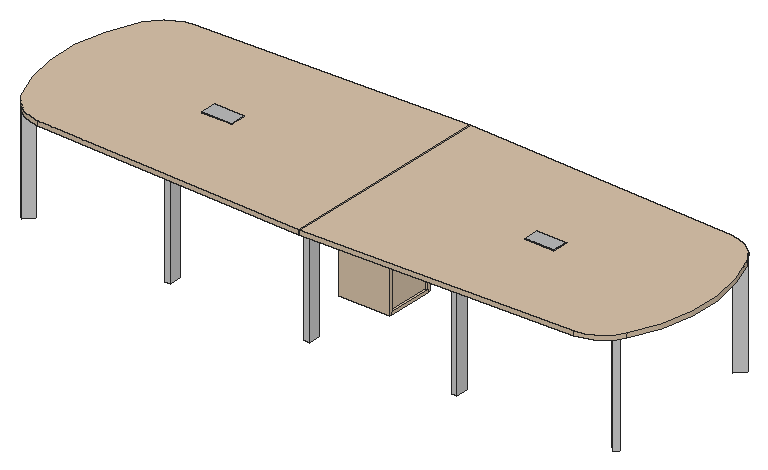
Revit family "Haworth_Planes_ConferenceTable_PebbleTwoPiece", category Furniture Systems, Revit 2018 (continued)
Definition of nested family "Haworth_Planes_Worksurface_Pebble_2Piece_PART"
  Definition of nested family "Haworth_Planes_Worksurface_Pebble54_TwoPiece_Part"
    Automatic sketch dimensions
      Extrusion 4 sketch curve to plane 1 "Center F/B" = 12.38637"
      Extrusion 4 sketch curve to plane 1 "Center F/B" = 26.84"
      Extrusion 4 sketch curve to Extrusion 4 sketch curve = 0"  (x4)
      plane 1 "Center F/B" to Extrusion 5 sketch curve = 0"
      Extrusion 5 sketch curve to plane 3 "Center L/R" = 0"
      Extrusion 5 sketch curve to plane 3 "Center L/R" = 1.45786"  (x2)
      plane 1 "Center F/B" to Extrusion 5 sketch curve = 12.38625"
      plane 1 "Center F/B" to Extrusion 5 sketch curve = 26.84"
      Extrusion 5 sketch curve to Extrusion 5 sketch curve = 663.86697"  (x2)
      Extrusion 5 sketch curve to plane 1 "Center F/B" = 12.38625"
      Extrusion 5 sketch curve to plane 1 "Center F/B" = 26.84"
      Extrusion 5 sketch curve to Extrusion 5 sketch curve = 0"  (x4)
      plane 1 "Center F/B" to Extrusion 6 sketch curve = 0"
      Extrusion 6 sketch curve to plane 3 "Center L/R" = 0"
      Extrusion 6 sketch curve to plane 3 "Center L/R" = 1.46083"  (x2)
      plane 1 "Center F/B" to Extrusion 6 sketch curve = 12.38592"
      plane 1 "Center F/B" to Extrusion 6 sketch curve = 26.84"
      Extrusion 6 sketch curve to Extrusion 6 sketch curve = 737.42641"  (x2)
      Extrusion 6 sketch curve to plane 1 "Center F/B" = 12.38592"
      Extrusion 6 sketch curve to plane 1 "Center F/B" = 26.84"
      Extrusion 6 sketch curve to Extrusion 6 sketch curve = 0"  (x4)
      plane 1 "Center F/B" to Extrusion 7 sketch curve = 0"
      Extrusion 7 sketch curve to plane 3 "Center L/R" = 0"
      Extrusion 7 sketch curve to plane 3 "Center L/R" = 1.46185"  (x2)
      Extrusion 7 sketch curve to plane 1 "Center F/B" = 12.38546"
      plane 1 "Center F/B" to Extrusion 7 sketch curve = 12.38546"
      plane 1 "Center F/B" to Extrusion 7 sketch curve = 26.84"
      Extrusion 7 sketch curve to Extrusion 7 sketch curve = 814.63142"  (x2)
      Extrusion 7 sketch curve to plane 1 "Center F/B" = 26.84"
      Extrusion 7 sketch curve to Extrusion 7 sketch curve = 0"  (x4)
      plane 1 "Center F/B" to Extrusion 8 sketch curve = 0"
      Extrusion 8 sketch curve to plane 3 "Center L/R" = 0"
      Extrusion 8 sketch curve to plane 3 "Center L/R" = 1.4678"  (x2)
      Extrusion 8 sketch curve to plane 1 "Center F/B" = 12.3849"
      plane 1 "Center F/B" to Extrusion 8 sketch curve = 12.3849"
      plane 1 "Center F/B" to Extrusion 8 sketch curve = 26.84"
      Extrusion 8 sketch curve to Extrusion 8 sketch curve = 895.29512"  (x2)
      Extrusion 8 sketch curve to plane 1 "Center F/B" = 26.84"
      Extrusion 8 sketch curve to Extrusion 8 sketch curve = 0"  (x4)
      plane 1 "Center F/B" to Extrusion 9 sketch curve = 0"
      Extrusion 9 sketch curve to plane 3 "Center L/R" = 0"
      Extrusion 9 sketch curve to plane 3 "Center L/R" = 1.47096"  (x2)
      Extrusion 9 sketch curve to plane 1 "Center F/B" = 12.38426"
      plane 1 "Center F/B" to Extrusion 9 sketch curve = 12.38426"
      Extrusion 9 sketch curve to Extrusion 9 sketch curve = 0"  (x4)
      plane 1 "Center F/B" to Extrusion 9 sketch curve = 26.84"
      Extrusion 9 sketch curve to Extrusion 9 sketch curve = 979.62634"  (x2)
      Extrusion 9 sketch curve to plane 1 "Center F/B" = 26.84"
      plane 1 "Center F/B" to Extrusion 10 sketch curve = 0"
      Extrusion 10 sketch curve to plane 3 "Center L/R" = 0"
      Extrusion 10 sketch curve to plane 3 "Center L/R" = 1.47142"  (x2)
      Extrusion 10 sketch curve to plane 1 "Center F/B" = 12.38358"
      plane 1 "Center F/B" to Extrusion 10 sketch curve = 12.38358"
      Extrusion 10 sketch curve to Extrusion 10 sketch curve = 0"  (x4)
      plane 1 "Center F/B" to Extrusion 10 sketch curve = 26.84"
      Extrusion 10 sketch curve to Extrusion 10 sketch curve = 1067.63242"  (x2)
      Extrusion 10 sketch curve to plane 1 "Center F/B" = 26.84"
      plane 1 "Center F/B" to Masking region 1 sketch curve = 0"
      Masking region 1 sketch curve to plane 3 "Center L/R" = 0"
      Masking region 1 sketch curve to plane 3 "Center L/R" = 1.4443"  (x2)
      Masking region 1 sketch curve to plane 3 "Center L/R" = 17.68"
      plane 1 "Center F/B" to Masking region 1 sketch curve = 12.38461"
      plane 1 "Center F/B" to Masking region 1 sketch curve = 26.84"
      Masking region 1 sketch curve to Masking region 1 sketch curve = 405.59091"  (x2)
      Masking region 1 sketch curve to plane 1 "Center F/B" = 12.38461"
      Masking region 1 sketch curve to plane 1 "Center F/B" = 26.84"
      Masking region 1 sketch curve to Masking region 1 sketch curve = 0"  (x4)
      plane 1 "Center F/B" to Masking region 2 sketch curve = 0"
      Masking region 2 sketch curve to plane 3 "Center L/R" = 0"
      Masking region 2 sketch curve to plane 3 "Center L/R" = 1.45088"  (x2)
      Masking region 2 sketch curve to plane 3 "Center L/R" = 20.68"
      plane 1 "Center F/B" to Masking region 2 sketch curve = 12.38568"
      plane 1 "Center F/B" to Masking region 2 sketch curve = 26.84"
      Masking region 2 sketch curve to Masking region 2 sketch curve = 464.70521"  (x2)
      Masking region 2 sketch curve to plane 1 "Center F/B" = 12.38568"
      Masking region 2 sketch curve to plane 1 "Center F/B" = 26.84"
      Masking region 2 sketch curve to Masking region 2 sketch curve = 0"  (x4)
      plane 1 "Center F/B" to Masking region 3 sketch curve = 0"
      Masking region 3 sketch curve to plane 3 "Center L/R" = 0"
      Masking region 3 sketch curve to plane 3 "Center L/R" = 1.4551"  (x2)
      plane 1 "Center F/B" to Masking region 3 sketch curve = 12.38622"
      plane 1 "Center F/B" to Masking region 3 sketch curve = 26.84"
      Masking region 3 sketch curve to Masking region 3 sketch curve = 527.4563"  (x2)
      Masking region 3 sketch curve to plane 1 "Center F/B" = 12.38622"
      Masking region 3 sketch curve to plane 1 "Center F/B" = 26.84"
      Masking region 3 sketch curve to Masking region 3 sketch curve = 0"  (x4)
      plane 1 "Center F/B" to Masking region 4 sketch curve = 0"
      Masking region 4 sketch curve to plane 3 "Center L/R" = 0"
      Masking region 4 sketch curve to plane 3 "Center L/R" = 1.45465"  (x2)
      plane 1 "Center F/B" to Masking region 4 sketch curve = 12.38637"
      plane 1 "Center F/B" to Masking region 4 sketch curve = 26.84"
      Masking region 4 sketch curve to Masking region 4 sketch curve = 593.90588"  (x2)
      Masking region 4 sketch curve to plane 1 "Center F/B" = 12.38637"
      Masking region 4 sketch curve to plane 1 "Center F/B" = 26.84"
      Masking region 4 sketch curve to Masking region 4 sketch curve = 0"  (x4)
      plane 1 "Center F/B" to Masking region 5 sketch curve = 0"
      Masking region 5 sketch curve to plane 3 "Center L/R" = 0"
      Masking region 5 sketch curve to plane 3 "Center L/R" = 1.45786"  (x2)
      plane 1 "Center F/B" to Masking region 5 sketch curve = 12.38625"
      plane 1 "Center F/B" to Masking region 5 sketch curve = 26.84"
      Masking region 5 sketch curve to Masking region 5 sketch curve = 663.86697"  (x2)
      Masking region 5 sketch curve to plane 1 "Center F/B" = 12.38625"
      Masking region 5 sketch curve to plane 1 "Center F/B" = 26.84"
      Masking region 5 sketch curve to Masking region 5 sketch curve = 0"  (x4)
      plane 1 "Center F/B" to Masking region 6 sketch curve = 0"
      Masking region 6 sketch curve to plane 3 "Center L/R" = 0"
      Masking region 6 sketch curve to plane 3 "Center L/R" = 1.46083"  (x2)
      plane 1 "Center F/B" to Masking region 6 sketch curve = 12.38592"
      plane 1 "Center F/B" to Masking region 6 sketch curve = 26.84"
      Masking region 6 sketch curve to Masking region 6 sketch curve = 737.42641"  (x2)
      Masking region 6 sketch curve to plane 1 "Center F/B" = 12.38592"
      Masking region 6 sketch curve to plane 1 "Center F/B" = 26.84"
      Masking region 6 sketch curve to Masking region 6 sketch curve = 0"  (x4)
      plane 1 "Center F/B" to Masking region 7 sketch curve = 0"
      Masking region 7 sketch curve to plane 3 "Center L/R" = 0"
      Masking region 7 sketch curve to plane 3 "Center L/R" = 1.46185"  (x2)
      plane 1 "Center F/B" to Masking region 7 sketch curve = 12.38546"
      plane 1 "Center F/B" to Masking region 7 sketch curve = 26.84"
      Masking region 7 sketch curve to Masking region 7 sketch curve = 814.63142"  (x2)
      Masking region 7 sketch curve to plane 1 "Center F/B" = 12.38546"
      Masking region 7 sketch curve to plane 1 "Center F/B" = 26.84"
      Masking region 7 sketch curve to Masking region 7 sketch curve = 0"  (x4)
      plane 1 "Center F/B" to Masking region 8 sketch curve = 0"
      Masking region 8 sketch curve to plane 3 "Center L/R" = 0"
      Masking region 8 sketch curve to plane 3 "Center L/R" = 1.4678"  (x2)
      plane 1 "Center F/B" to Masking region 8 sketch curve = 12.3849"
      Masking region 8 sketch curve to plane 1 "Center F/B" = 12.3849"
      plane 1 "Center F/B" to Masking region 8 sketch curve = 26.84"
      Masking region 8 sketch curve to Masking region 8 sketch curve = 895.29512"  (x2)
      Masking region 8 sketch curve to plane 1 "Center F/B" = 26.84"
      Masking region 8 sketch curve to Masking region 8 sketch curve = 0"  (x4)
      plane 1 "Center F/B" to Masking region 9 sketch curve = 0"
      Masking region 9 sketch curve to plane 3 "Center L/R" = 0"
      Masking region 9 sketch curve to plane 3 "Center L/R" = 1.47096"  (x2)
      plane 1 "Center F/B" to Masking region 9 sketch curve = 12.38426"
      Masking region 9 sketch curve to plane 1 "Center F/B" = 12.38426"
      Masking region 9 sketch curve to Masking region 9 sketch curve = 0"  (x4)
      plane 1 "Center F/B" to Masking region 9 sketch curve = 26.84"
      Masking region 9 sketch curve to Masking region 9 sketch curve = 979.62634"  (x2)
      Masking region 9 sketch curve to plane 1 "Center F/B" = 26.84"
      plane 1 "Center F/B" to Masking region 10 sketch curve = 0"
      Masking region 10 sketch curve to plane 3 "Center L/R" = 0"
      Masking region 10 sketch curve to plane 3 "Center L/R" = 1.47142"  (x2)
      plane 1 "Center F/B" to Masking region 10 sketch curve = 12.38358"
      Masking region 10 sketch curve to plane 1 "Center F/B" = 12.38358"
      Masking region 10 sketch curve to Masking region 10 sketch curve = 0"  (x4)
      plane 1 "Center F/B" to Masking region 10 sketch curve = 26.84"
      Masking region 10 sketch curve to Masking region 10 sketch curve = 1067.63242"  (x2)
      Masking region 10 sketch curve to plane 1 "Center F/B" = 26.84"
      plane 1 "Center F/B" to Extrusion 11 sketch curve = 0"
      Extrusion 11 sketch curve to plane 3 "Center L/R" = 0"
      Extrusion 11 sketch curve to plane 3 "Center L/R" = 1.4443"  (x2)
      Extrusion 11 sketch curve to plane 3 "Center L/R" = 17.68"
      Extrusion 11 sketch curve to plane 1 "Center F/B" = 12.38461"
      Extrusion 11 sketch curve to plane 1 "Center F/B" = 26.84"
      Extrusion 11 sketch curve to Extrusion 11 sketch curve = 405.59091"  (x2)
      plane 1 "Center F/B" to Extrusion 11 sketch curve = 12.38461"
      plane 1 "Center F/B" to Extrusion 11 sketch curve = 26.84"
      Extrusion 11 sketch curve to Extrusion 11 sketch curve = 0"  (x4)
      plane 1 "Center F/B" to Extrusion 12 sketch curve = 0"
      Extrusion 12 sketch curve to plane 3 "Center L/R" = 0"
      Extrusion 12 sketch curve to plane 3 "Center L/R" = 1.45088"  (x2)
      Extrusion 12 sketch curve to plane 3 "Center L/R" = 20.68"
      Extrusion 12 sketch curve to plane 1 "Center F/B" = 12.38568"
      Extrusion 12 sketch curve to plane 1 "Center F/B" = 26.84"
      Extrusion 12 sketch curve to Extrusion 12 sketch curve = 464.70521"  (x2)
      plane 1 "Center F/B" to Extrusion 12 sketch curve = 12.38568"
      plane 1 "Center F/B" to Extrusion 12 sketch curve = 26.84"
      Extrusion 12 sketch curve to Extrusion 12 sketch curve = 0"  (x4)
      plane 1 "Center F/B" to Extrusion 13 sketch curve = 0"
      Extrusion 13 sketch curve to plane 3 "Center L/R" = 0"
      Extrusion 13 sketch curve to plane 3 "Center L/R" = 1.4551"  (x2)
      Extrusion 13 sketch curve to plane 1 "Center F/B" = 12.38622"
      Extrusion 13 sketch curve to plane 1 "Center F/B" = 26.84"
      Extrusion 13 sketch curve to Extrusion 13 sketch curve = 527.4563"  (x2)
      plane 1 "Center F/B" to Extrusion 13 sketch curve = 12.38622"
      plane 1 "Center F/B" to Extrusion 13 sketch curve = 26.84"
      Extrusion 13 sketch curve to Extrusion 13 sketch curve = 0"  (x4)
      plane 1 "Center F/B" to Extrusion 14 sketch curve = 0"
      Extrusion 14 sketch curve to plane 3 "Center L/R" = 0"
      Extrusion 14 sketch curve to plane 3 "Center L/R" = 1.45465"  (x2)
      Extrusion 14 sketch curve to plane 1 "Center F/B" = 12.38637"
      Extrusion 14 sketch curve to plane 1 "Center F/B" = 26.84"
      Extrusion 14 sketch curve to Extrusion 14 sketch curve = 593.90588"  (x2)
      plane 1 "Center F/B" to Extrusion 14 sketch curve = 12.38637"
      plane 1 "Center F/B" to Extrusion 14 sketch curve = 26.84"
      Extrusion 14 sketch curve to Extrusion 14 sketch curve = 0"  (x4)
      plane 1 "Center F/B" to Extrusion 15 sketch curve = 0"
      Extrusion 15 sketch curve to plane 3 "Center L/R" = 0"
      Extrusion 15 sketch curve to plane 3 "Center L/R" = 1.45786"  (x2)
      Extrusion 15 sketch curve to plane 1 "Center F/B" = 12.38625"
      Extrusion 15 sketch curve to plane 1 "Center F/B" = 26.84"
      Extrusion 15 sketch curve to Extrusion 15 sketch curve = 663.86697"  (x2)
      plane 1 "Center F/B" to Extrusion 15 sketch curve = 12.38625"
      plane 1 "Center F/B" to Extrusion 15 sketch curve = 26.84"
      Extrusion 15 sketch curve to Extrusion 15 sketch curve = 0"  (x4)
      plane 1 "Center F/B" to Extrusion 16 sketch curve = 0"
      Extrusion 16 sketch curve to plane 3 "Center L/R" = 0"
      Extrusion 16 sketch curve to plane 3 "Center L/R" = 1.46083"  (x2)
      Extrusion 16 sketch curve to plane 1 "Center F/B" = 12.38592"
      Extrusion 16 sketch curve to plane 1 "Center F/B" = 26.84"
      Extrusion 16 sketch curve to Extrusion 16 sketch curve = 737.42641"  (x2)
      plane 1 "Center F/B" to Extrusion 16 sketch curve = 12.38592"
      plane 1 "Center F/B" to Extrusion 16 sketch curve = 26.84"
      Extrusion 16 sketch curve to Extrusion 16 sketch curve = 0"  (x4)
      plane 1 "Center F/B" to Extrusion 17 sketch curve = 0"
      Extrusion 17 sketch curve to plane 3 "Center L/R" = 0"
      Extrusion 17 sketch curve to plane 3 "Center L/R" = 1.46185"  (x2)
      plane 1 "Center F/B" to Extrusion 17 sketch curve = 12.38546"
      Extrusion 17 sketch curve to plane 1 "Center F/B" = 12.38546"
      Extrusion 17 sketch curve to plane 1 "Center F/B" = 26.84"
      Extrusion 17 sketch curve to Extrusion 17 sketch curve = 814.63142"  (x2)
      plane 1 "Center F/B" to Extrusion 17 sketch curve = 26.84"
      Extrusion 17 sketch curve to Extrusion 17 sketch curve = 0"  (x4)
      plane 1 "Center F/B" to Extrusion 18 sketch curve = 0"
      Extrusion 18 sketch curve to plane 3 "Center L/R" = 0"
      Extrusion 18 sketch curve to plane 3 "Center L/R" = 1.4678"  (x2)
      plane 1 "Center F/B" to Extrusion 18 sketch curve = 12.3849"
      Extrusion 18 sketch curve to plane 1 "Center F/B" = 12.3849"
      Extrusion 18 sketch curve to plane 1 "Center F/B" = 26.84"
      Extrusion 18 sketch curve to Extrusion 18 sketch curve = 895.29512"  (x2)
      plane 1 "Center F/B" to Extrusion 18 sketch curve = 26.84"
      Extrusion 18 sketch curve to Extrusion 18 sketch curve = 0"  (x4)
      plane 1 "Center F/B" to Extrusion 19 sketch curve = 0"
      Extrusion 19 sketch curve to plane 3 "Center L/R" = 0"
      Extrusion 19 sketch curve to plane 3 "Center L/R" = 1.47096"  (x2)
      plane 1 "Center F/B" to Extrusion 19 sketch curve = 12.38426"
      Extrusion 19 sketch curve to plane 1 "Center F/B" = 12.38426"
      Extrusion 19 sketch curve to Extrusion 19 sketch curve = 0"  (x4)
      Extrusion 19 sketch curve to plane 1 "Center F/B" = 26.84"
      Extrusion 19 sketch curve to Extrusion 19 sketch curve = 979.62634"  (x2)
      plane 1 "Center F/B" to Extrusion 19 sketch curve = 26.84"
      plane 1 "Center F/B" to Extrusion 20 sketch curve = 0"
      Extrusion 20 sketch curve to plane 3 "Center L/R" = 0"
      Extrusion 20 sketch curve to plane 3 "Center L/R" = 1.47142"  (x2)
      plane 1 "Center F/B" to Extrusion 20 sketch curve = 12.38358"
      Extrusion 20 sketch curve to plane 1 "Center F/B" = 12.38358"
      Extrusion 20 sketch curve to Extrusion 20 sketch curve = 0"  (x4)
      Extrusion 20 sketch curve to plane 1 "Center F/B" = 26.84"
      Extrusion 20 sketch curve to Extrusion 20 sketch curve = 1067.63242"  (x2)
      plane 1 "Center F/B" to Extrusion 20 sketch curve = 26.84"
      Masking region 11 sketch curve to plane 3 "Center L/R" = 0"
      plane 1 "Center F/B" to Masking region 11 sketch curve = 0"
      plane 1 "Center F/B" to Masking region 11 sketch curve = 12.38461"
      plane 1 "Center F/B" to Masking region 11 sketch curve = 26.84"
      plane 3 "Center L/R" to Masking region 11 sketch curve = 1.4443"  (x2)
      Masking region 11 sketch curve to Masking region 11 sketch curve = 405.59091"  (x2)
      Masking region 11 sketch curve to plane 1 "Center F/B" = 12.38461"
      Masking region 11 sketch curve to plane 1 "Center F/B" = 26.84"
      plane 3 "Center L/R" to Masking region 11 sketch curve = 17.68"
      Masking region 11 sketch curve to Masking region 11 sketch curve = 4.50349"
      Masking region 11 sketch curve to Masking region 11 sketch curve = 0"  (x3)
      Masking region 12 sketch curve to plane 3 "Center L/R" = 0"
      plane 1 "Center F/B" to Masking region 12 sketch curve = 0"
      plane 1 "Center F/B" to Masking region 12 sketch curve = 12.38568"
      plane 1 "Center F/B" to Masking region 12 sketch curve = 26.84"
      plane 3 "Center L/R" to Masking region 12 sketch curve = 1.45088"  (x2)
      Masking region 12 sketch curve to Masking region 12 sketch curve = 464.70521"  (x2)
      Masking region 12 sketch curve to plane 1 "Center F/B" = 12.38568"
      Masking region 12 sketch curve to plane 1 "Center F/B" = 26.84"
      plane 3 "Center L/R" to Masking region 12 sketch curve = 20.68"
      Masking region 12 sketch curve to Masking region 12 sketch curve = 4.50388"
      Masking region 12 sketch curve to Masking region 12 sketch curve = 0"  (x3)
      Masking region 13 sketch curve to plane 3 "Center L/R" = 0"
      plane 1 "Center F/B" to Masking region 13 sketch curve = 0"
      plane 1 "Center F/B" to Masking region 13 sketch curve = 12.38622"
      plane 1 "Center F/B" to Masking region 13 sketch curve = 26.84"
      plane 3 "Center L/R" to Masking region 13 sketch curve = 1.4551"  (x2)
      Masking region 13 sketch curve to Masking region 13 sketch curve = 527.4563"  (x2)
      Masking region 13 sketch curve to plane 1 "Center F/B" = 12.38622"
      Masking region 13 sketch curve to plane 1 "Center F/B" = 26.84"
      Masking region 13 sketch curve to Masking region 13 sketch curve = 4.50408"
      Masking region 13 sketch curve to Masking region 13 sketch curve = 0"  (x3)
      Masking region 14 sketch curve to plane 3 "Center L/R" = 0"
      plane 1 "Center F/B" to Masking region 14 sketch curve = 0"
      plane 1 "Center F/B" to Masking region 14 sketch curve = 12.38637"
      plane 1 "Center F/B" to Masking region 14 sketch curve = 26.84"
      plane 3 "Center L/R" to Masking region 14 sketch curve = 1.45465"  (x2)
      Masking region 14 sketch curve to Masking region 14 sketch curve = 593.90588"  (x2)
      Masking region 14 sketch curve to plane 1 "Center F/B" = 12.38637"
      Masking region 14 sketch curve to plane 1 "Center F/B" = 26.84"
      Masking region 14 sketch curve to Masking region 14 sketch curve = 4.50413"
      Masking region 14 sketch curve to Masking region 14 sketch curve = 0"  (x3)
      Masking region 15 sketch curve to plane 3 "Center L/R" = 0"
      plane 1 "Center F/B" to Masking region 15 sketch curve = 0"
      plane 1 "Center F/B" to Masking region 15 sketch curve = 12.38625"
      plane 1 "Center F/B" to Masking region 15 sketch curve = 26.84"
      plane 3 "Center L/R" to Masking region 15 sketch curve = 1.45786"  (x2)
      Masking region 15 sketch curve to Masking region 15 sketch curve = 663.86697"  (x2)
      Masking region 15 sketch curve to plane 1 "Center F/B" = 12.38625"
      Masking region 15 sketch curve to plane 1 "Center F/B" = 26.84"
      Masking region 15 sketch curve to Masking region 15 sketch curve = 4.50409"
      Masking region 15 sketch curve to Masking region 15 sketch curve = 0"  (x3)
      Masking region 16 sketch curve to plane 3 "Center L/R" = 0"
      plane 1 "Center F/B" to Masking region 16 sketch curve = 0"
      plane 1 "Center F/B" to Masking region 16 sketch curve = 12.38592"
      plane 1 "Center F/B" to Masking region 16 sketch curve = 26.84"
      plane 3 "Center L/R" to Masking region 16 sketch curve = 1.46083"  (x2)
      Masking region 16 sketch curve to Masking region 16 sketch curve = 737.42641"  (x2)
      Masking region 16 sketch curve to plane 1 "Center F/B" = 12.38592"
      Masking region 16 sketch curve to plane 1 "Center F/B" = 26.84"
      Masking region 16 sketch curve to Masking region 16 sketch curve = 4.50397"
      Masking region 16 sketch curve to Masking region 16 sketch curve = 0"  (x3)
      Masking region 17 sketch curve to plane 3 "Center L/R" = 0"
      plane 1 "Center F/B" to Masking region 17 sketch curve = 0"
      plane 1 "Center F/B" to Masking region 17 sketch curve = 12.38546"
      plane 1 "Center F/B" to Masking region 17 sketch curve = 26.84"
      plane 3 "Center L/R" to Masking region 17 sketch curve = 1.46185"  (x2)
      Masking region 17 sketch curve to Masking region 17 sketch curve = 814.63142"  (x2)
      Masking region 17 sketch curve to plane 1 "Center F/B" = 12.38546"
      Masking region 17 sketch curve to plane 1 "Center F/B" = 26.84"
      Masking region 17 sketch curve to Masking region 17 sketch curve = 4.5038"
      Masking region 17 sketch curve to Masking region 17 sketch curve = 0"  (x3)
      Masking region 18 sketch curve to plane 3 "Center L/R" = 0"
      plane 1 "Center F/B" to Masking region 18 sketch curve = 0"
      plane 1 "Center F/B" to Masking region 18 sketch curve = 12.3849"
      plane 1 "Center F/B" to Masking region 18 sketch curve = 26.84"
      plane 3 "Center L/R" to Masking region 18 sketch curve = 1.4678"  (x2)
      Masking region 18 sketch curve to Masking region 18 sketch curve = 895.29512"  (x2)
      Masking region 18 sketch curve to plane 1 "Center F/B" = 12.3849"
      Masking region 18 sketch curve to plane 1 "Center F/B" = 26.84"
      Masking region 18 sketch curve to Masking region 18 sketch curve = 4.5036"
      Masking region 18 sketch curve to Masking region 18 sketch curve = 0"  (x3)
      Masking region 19 sketch curve to plane 3 "Center L/R" = 0"
      plane 1 "Center F/B" to Masking region 19 sketch curve = 0"
      plane 1 "Center F/B" to Masking region 19 sketch curve = 12.38426"
      plane 1 "Center F/B" to Masking region 19 sketch curve = 26.84"
      plane 3 "Center L/R" to Masking region 19 sketch curve = 1.47096"  (x2)
      Masking region 19 sketch curve to Masking region 19 sketch curve = 979.62634"  (x2)
      Masking region 19 sketch curve to plane 1 "Center F/B" = 12.38426"
      Masking region 19 sketch curve to plane 1 "Center F/B" = 26.84"
      Masking region 19 sketch curve to Masking region 19 sketch curve = 0"  (x3)
      Masking region 19 sketch curve to Masking region 19 sketch curve = 4.50337"
      Masking region 20 sketch curve to plane 3 "Center L/R" = 0"
      plane 1 "Center F/B" to Masking region 20 sketch curve = 0"
      plane 1 "Center F/B" to Masking region 20 sketch curve = 12.38358"
      plane 1 "Center F/B" to Masking region 20 sketch curve = 26.84"
      plane 3 "Center L/R" to Masking region 20 sketch curve = 1.47142"  (x2)
      Masking region 20 sketch curve to Masking region 20 sketch curve = 1067.63242"  (x2)
      Masking region 20 sketch curve to plane 1 "Center F/B" = 12.38358"
      Masking region 20 sketch curve to plane 1 "Center F/B" = 26.84"
      Masking region 20 sketch curve to Masking region 20 sketch curve = 0"  (x3)
      Masking region 20 sketch curve to Masking region 20 sketch curve = 4.50312"
      Extrusion 11 sketch curve to Extrusion 11 sketch curve = 30.58793"
      Extrusion 12 sketch curve to Extrusion 12 sketch curve = 30.5875"
      Extrusion 13 sketch curve to plane 3 "Center L/R" = 23.68"
      Extrusion 13 sketch curve to Extrusion 13 sketch curve = 30.58728"
      Extrusion 14 sketch curve to plane 3 "Center L/R" = 26.68"
      Extrusion 14 sketch curve to Extrusion 14 sketch curve = 30.58722"
      Extrusion 15 sketch curve to plane 3 "Center L/R" = 29.68"
      Extrusion 15 sketch curve to Extrusion 15 sketch curve = 30.58727"
      Extrusion 16 sketch curve to plane 3 "Center L/R" = 32.68"
      Extrusion 16 sketch curve to Extrusion 16 sketch curve = 30.5874"
      Extrusion 17 sketch curve to plane 3 "Center L/R" = 35.68"
      Extrusion 17 sketch curve to Extrusion 17 sketch curve = 30.58759"
      Extrusion 18 sketch curve to plane 3 "Center L/R" = 38.68"
      Extrusion 18 sketch curve to Extrusion 18 sketch curve = 30.58781"
      Extrusion 19 sketch curve to plane 3 "Center L/R" = 41.68"
      Extrusion 19 sketch curve to Extrusion 19 sketch curve = 30.58807"
      Extrusion 20 sketch curve to plane 3 "Center L/R" = 44.68"
      Extrusion 20 sketch curve to Extrusion 20 sketch curve = 30.58835"
      Masking region 11 sketch curve to Masking region 11 sketch curve = 30.58793"
      Masking region 12 sketch curve to Masking region 12 sketch curve = 30.5875"
      plane 3 "Center L/R" to Masking region 13 sketch curve = 23.68"
      Masking region 13 sketch curve to Masking region 13 sketch curve = 30.58728"
      plane 3 "Center L/R" to Masking region 14 sketch curve = 26.68"
      Masking region 14 sketch curve to Masking region 14 sketch curve = 30.58722"
      plane 3 "Center L/R" to Masking region 15 sketch curve = 29.68"
      Masking region 15 sketch curve to Masking region 15 sketch curve = 30.58727"
      plane 3 "Center L/R" to Masking region 16 sketch curve = 32.68"
      Masking region 16 sketch curve to Masking region 16 sketch curve = 30.5874"
      plane 3 "Center L/R" to Masking region 17 sketch curve = 35.68"
      Masking region 17 sketch curve to Masking region 17 sketch curve = 30.58759"
      plane 3 "Center L/R" to Masking region 18 sketch curve = 38.68"
      Masking region 18 sketch curve to Masking region 18 sketch curve = 30.58781"
      plane 3 "Center L/R" to Masking region 19 sketch curve = 41.68"
      Masking region 19 sketch curve to Masking region 19 sketch curve = 30.58807"
      plane 3 "Center L/R" to Masking region 20 sketch curve = 44.68"
      Masking region 20 sketch curve to Masking region 20 sketch curve = 30.58835"
      Extrusion 1 sketch curve to Extrusion 1 sketch curve = 30.58793"
      Extrusion 2 sketch curve to Extrusion 2 sketch curve = 30.5875"
      Extrusion 3 sketch curve to plane 3 "Center L/R" = 23.68"
      Extrusion 3 sketch curve to Extrusion 3 sketch curve = 30.58728"
      Extrusion 4 sketch curve to plane 3 "Center L/R" = 26.68"
      Extrusion 4 sketch curve to Extrusion 4 sketch curve = 30.58722"
      Extrusion 5 sketch curve to plane 3 "Center L/R" = 29.68"
      Extrusion 5 sketch curve to Extrusion 5 sketch curve = 30.58727"
      Extrusion 6 sketch curve to plane 3 "Center L/R" = 32.68"
      Extrusion 6 sketch curve to Extrusion 6 sketch curve = 30.5874"
      Extrusion 7 sketch curve to plane 3 "Center L/R" = 35.68"
      Extrusion 7 sketch curve to Extrusion 7 sketch curve = 30.58759"
      Extrusion 8 sketch curve to plane 3 "Center L/R" = 38.68"
      Extrusion 8 sketch curve to Extrusion 8 sketch curve = 30.58781"
      Extrusion 9 sketch curve to plane 3 "Center L/R" = 41.68"
      Extrusion 9 sketch curve to Extrusion 9 sketch curve = 30.58807"
      Extrusion 10 sketch curve to plane 3 "Center L/R" = 44.68"
      Extrusion 10 sketch curve to Extrusion 10 sketch curve = 30.58835"
      Masking region 1 sketch curve to Masking region 1 sketch curve = 30.58793"
      Masking region 2 sketch curve to Masking region 2 sketch curve = 30.5875"
      Masking region 3 sketch curve to plane 3 "Center L/R" = 23.68"
      Masking region 3 sketch curve to Masking region 3 sketch curve = 30.58728"
      Masking region 4 sketch curve to plane 3 "Center L/R" = 26.68"
      Masking region 4 sketch curve to Masking region 4 sketch curve = 30.58722"
      Masking region 5 sketch curve to plane 3 "Center L/R" = 29.68"
      Masking region 5 sketch curve to Masking region 5 sketch curve = 30.58727"
      Masking region 6 sketch curve to plane 3 "Center L/R" = 32.68"
      Masking region 6 sketch curve to Masking region 6 sketch curve = 30.5874"
      Masking region 7 sketch curve to plane 3 "Center L/R" = 35.68"
      Masking region 7 sketch curve to Masking region 7 sketch curve = 30.58759"
      Masking region 8 sketch curve to plane 3 "Center L/R" = 38.68"
      Masking region 8 sketch curve to Masking region 8 sketch curve = 30.58781"
      Masking region 9 sketch curve to plane 3 "Center L/R" = 41.68"
      Masking region 9 sketch curve to Masking region 9 sketch curve = 30.58807"
      Masking region 10 sketch curve to plane 3 "Center L/R" = 44.68"
      Masking region 10 sketch curve to Masking region 10 sketch curve = 30.58835"
  Definition of nested family "Haworth_Planes_Worksurface_Pebble60_TwoPiece_Part"
    Parameters (values of type "Worksurface")
      Width = 180"
      Warranty = "https://www.haworth.com/resources/product-info/warranties"
      URL - Product = ""
      URL = "www.haworth.com"
      Thickness = 1 3/16"
      Table Finish = none
      Table Edge Finish = none
      Revision Number = ""
      Note = "Verify Final Dim. w/ Haworth"  # constant formula
      Min. Width = 126"  # constant formula
      Min. Depth = 60"  # constant formula
      Max. Width = 180"  # constant formula
      Max. Depth = 60"  # constant formula
      Manufacturer = "Haworth"  # constant formula
      Depth = 60"  # constant formula
      Cutout Width = 8"  # constant formula
      Cutout Dimension = 3"  # constant formula
      Cutout Depth = 4"  # constant formula
      Center Cutout Offset = Actual Width / 4  # 45"
      Author = "Haworth (Alias)"  # constant formula
      Assembly Code = ""
      Actual Width = if(Width < Min. Width, Min. Width, if(Width > Max. Width, Max. Width, Width))  # 180"
      Actual Height = 29"
      Actual Depth = if(Depth > Max. Depth, Max. Depth, if(Depth < Min. Depth, Min. Depth, Depth))  # 60"
      180w = and(177" < Actual Width, Actual Width < 181")  # yes
      174w = and(171" < Actual Width, Actual Width < 178")  # no
      168w = and(165" < Actual Width, Actual Width < 172")  # no
      162w = and(159" < Actual Width, Actual Width < 166")  # no
      156w = and(153" < Actual Width, Actual Width < 160")  # no
      150w = and(147" < Actual Width, Actual Width < 154")  # no
      144w = and(141" < Actual Width, Actual Width < 148")  # no
      138w = and(135" < Actual Width, Actual Width < 142")  # no
      132w = and(129" < Actual Width, Actual Width < 136")  # no
      126w = and(125" < Actual Width, Actual Width < 130")  # no
    Reference planes (in)
      plane 1 "Center F/B": y = 15
      plane 2 "Bottom": z = 0
      plane 3 "Center L/R": x = 0
      plane 4 "Table Top": z = 29
      plane 5 "Table Bottom": z = 27.8125
      plane 6 "Cutout Top": z = 30
      plane 7 "Cutout Bottom": z = 27
      plane 8 "KnifeEdge Middle": z = 28.625
    Forms (in)
      Extrusion 1, solid, material <- "Table Finish", visible <- "126w"
        sketch origin (-454.85785, 402.10992, 0) x (1, 0, 0) y (0, 1, 0)
          loop
            arc (397.36879, -366.12806) -> (392.17785, -387.10992) -> (397.36879, -408.09178) r 45
            arc (397.36879, -408.09178) -> (401.2401, -412.42197) -> (406.69155, -414.42676) r 12
            arc (406.69155, -414.42676) -> (430.73961, -416.35829) -> (454.85785, -416.94992) r 433.79443
            line (454.85785, -416.94992) -> (454.85785, -357.26992)
            arc (454.85785, -357.26992) -> (430.73961, -357.86155) -> (406.69155, -359.79308) r 433.79443
            arc (406.69155, -359.79308) -> (401.2401, -361.79787) -> (397.36879, -366.12806) r 12
        from 27.8125 to 29
      Extrusion 2, solid, material <- "Table Finish", visible <- "132w"
        sketch origin (-454.93595, 339.70842, 0) x (1, 0, 0) y (0, 1, 0)
          loop
            arc (454.93595, -294.86842) -> (429.36026, -295.45955) -> (403.85008, -297.382) r 490.99821
            arc (403.85008, -297.382) -> (398.35226, -299.37254) -> (394.44775, -303.72491) r 12
            arc (394.44775, -303.72491) -> (389.25595, -324.70842) -> (394.44775, -345.69194) r 45
            arc (394.44775, -345.69194) -> (398.35226, -350.04431) -> (403.85008, -352.03485) r 12
            arc (403.85008, -352.03485) -> (429.36026, -353.9573) -> (454.93595, -354.54842) r 490.99821
            line (454.93595, -354.54842) -> (454.93595, -294.86842)
        from 27.8125 to 29
      Extrusion 3, solid, material <- "Table Finish", visible <- "138w"
        sketch origin (-454.4954, 275.95917, 0) x (1, 0, 0) y (0, 1, 0)
          loop
            arc (454.4954, -231.11917) -> (427.45726, -231.71043) -> (400.48051, -233.62517) r 552.04829
            arc (400.48051, -233.62517) -> (394.94159, -235.6028) -> (391.00764, -239.97483) r 12
            arc (391.00764, -239.97483) -> (385.8154, -260.95917) -> (391.00764, -281.9435) r 45
            arc (391.00764, -281.9435) -> (394.94159, -286.31553) -> (400.48051, -288.29316) r 12
            arc (400.48051, -288.29316) -> (427.45726, -290.20791) -> (454.4954, -290.79917) r 552.04829
            line (454.4954, -290.79917) -> (454.4954, -231.11917)
        from 27.8125 to 29
      Extrusion 4, solid, material <- "Table Finish", visible <- "144w"
        sketch origin (-454.4954, 214.86464, 0) x (1, 0, 0) y (0, 1, 0)
          loop
            arc (454.4954, -170.02464) -> (425.99051, -170.6163) -> (397.54342, -172.52463) r 616.77904
            arc (397.54342, -172.52463) -> (391.96794, -174.49055) -> (388.00777, -178.88007) r 12
            arc (388.00777, -178.88007) -> (382.8154, -199.86464) -> (388.00777, -220.8492) r 45
            arc (388.00777, -220.8492) -> (391.96794, -225.23873) -> (397.54342, -227.20465) r 12
            arc (397.54342, -227.20465) -> (425.99051, -229.11298) -> (454.4954, -229.70464) r 616.77904
            line (454.4954, -229.70464) -> (454.4954, -170.02464)
        from 27.8125 to 29
      Extrusion 5, solid, material <- "Table Finish", visible <- "150w"
        sketch origin (-454.4954, 150.22845, 0) x (1, 0, 0) y (0, 1, 0)
          loop
            arc (454.4954, -105.38845) -> (424.52024, -105.98079) -> (394.59967, -107.88362) r 685.30301
            arc (394.59967, -107.88362) -> (388.99138, -109.83886) -> (385.00767, -114.24407) r 12
            arc (385.00767, -114.24407) -> (379.8154, -135.22845) -> (385.00767, -156.21282) r 45
            arc (385.00767, -156.21282) -> (388.99138, -160.61803) -> (394.59967, -162.57327) r 12
            arc (394.59967, -162.57327) -> (424.52024, -164.4761) -> (454.4954, -165.06845) r 685.30301
            line (454.4954, -165.06845) -> (454.4954, -105.38845)
        from 27.8125 to 29
      Extrusion 6, solid, material <- "Table Finish", visible <- "156w"
        sketch origin (-454.49828, 87.28838, 0) x (1, 0, 0) y (0, 1, 0)
          loop
            arc (454.49828, -42.44838) -> (423.02218, -42.97741) -> (391.6031, -44.94351) r 689.06622
            arc (391.6031, -44.94351) -> (385.99449, -46.89865) -> (382.01054, -51.30401) r 12
            arc (382.01054, -51.30401) -> (376.81828, -72.28838) -> (382.01054, -93.27276) r 45
            arc (382.01054, -93.27276) -> (385.99449, -97.67812) -> (391.6031, -99.63325) r 12
            arc (391.6031, -99.63325) -> (423.02218, -101.59936) -> (454.49828, -102.12838) r 689.06622
            line (454.49828, -102.12838) -> (454.49828, -42.44838)
        from 27.8125 to 29
      Extrusion 7, solid, material <- "Table Finish", visible <- "162w"
        sketch origin (-454.94349, 25.30847, 0) x (1, 0, 0) y (0, 1, 0)
          loop
            arc (454.94349, 19.53153) -> (422.01884, 18.93819) -> (389.1434, 17.04332) r 832.57247
            arc (389.1434, 17.04332) -> (383.4791, 15.10671) -> (379.45513, 10.67472) r 12
            arc (379.45513, 10.67472) -> (374.26349, -10.30847) -> (379.45513, -31.29167) r 45
            arc (379.45513, -31.29167) -> (383.4791, -35.72365) -> (389.1434, -37.66027) r 12
            arc (389.1434, -37.66027) -> (422.01884, -39.55513) -> (454.94349, -40.14847) r 832.57247
            line (454.94349, -40.14847) -> (454.94349, 19.53153)
        from 27.8125 to 29
      Extrusion 8, solid, material <- "Table Finish", visible <- "168w"
        sketch origin (-455.38761, -39.55543, 0) x (1, 0, 0) y (0, 1, 0)
          loop
            arc (455.38761, 84.39543) -> (420.98482, 83.8012) -> (386.62894, 81.90977) r 912.05887
            arc (386.62894, 81.90977) -> (380.94028, 79.9814) -> (376.8988, 75.53778) r 12
            arc (376.8988, 75.53778) -> (371.70761, 54.55543) -> (376.8988, 33.57309) r 45
            arc (376.8988, 33.57309) -> (380.94028, 29.12946) -> (386.62894, 27.2011) r 12
            arc (386.62894, 27.2011) -> (420.98482, 25.30966) -> (455.38761, 24.71543) r 912.05887
            line (455.38761, 24.71543) -> (455.38761, 84.39543)
        from 27.8125 to 29
      Extrusion 9, solid, material <- "Table Finish", visible <- "174w"
        sketch origin (-455.38761, -103.75043, 0) x (1, 0, 0) y (0, 1, 0)
          loop
            arc (455.38761, 148.59043) -> (419.50456, 147.99582) -> (383.66634, 146.1068) r 994.40556
            arc (383.66634, 146.1068) -> (377.95564, 144.18599) -> (373.8983, 139.73183) r 12
            arc (373.8983, 139.73183) -> (368.70761, 118.75043) -> (373.8983, 97.76903) r 45
            arc (373.8983, 97.76903) -> (377.95564, 93.31487) -> (383.66634, 91.39405) r 12
            arc (383.66634, 91.39405) -> (419.50456, 89.50503) -> (455.38761, 88.91043) r 994.40556
            line (455.38761, 88.91043) -> (455.38761, 148.59043)
        from 27.8125 to 29
      Extrusion 10, solid, material <- "Table Finish", visible <- "180w"
        sketch origin (-455.93132, -172.87048, 0) x (1, 0, 0) y (0, 1, 0)
          loop
            arc (455.93132, 217.71048) -> (418.56643, 217.11525) -> (381.24446, 215.22852) r 1080.70204
            arc (381.24446, 215.22852) -> (375.51345, 213.31473) -> (371.44148, 208.85086) r 12
            arc (371.44148, 208.85086) -> (366.25132, 187.87048) -> (371.44148, 166.8901) r 45
            arc (371.44148, 166.8901) -> (375.51345, 162.42623) -> (381.24446, 160.51244) r 12
            arc (381.24446, 160.51244) -> (418.56643, 158.62571) -> (455.93132, 158.03048) r 1080.70204
            line (455.93132, 158.03048) -> (455.93132, 217.71048)
        from 27.8125 to 29
      Extrusion 11, solid, material <- "Table Finish", visible <- "126w"
        sketch origin (454.85785, 402.10992, 0) x (-1, 0, 0) y (0, -1, 0)
          loop
            arc (397.36879, 366.12806) -> (401.2401, 361.79787) -> (406.69155, 359.79308) r 12
            arc (406.69155, 359.79308) -> (430.73961, 357.86155) -> (454.85785, 357.26992) r 433.79443
            line (454.85785, 357.26992) -> (454.85785, 416.94992)
            arc (454.85785, 416.94992) -> (430.73961, 416.35829) -> (406.69155, 414.42676) r 433.79443
            arc (406.69155, 414.42676) -> (401.2401, 412.42197) -> (397.36879, 408.09178) r 12
            arc (397.36879, 408.09178) -> (392.17785, 387.10992) -> (397.36879, 366.12806) r 45
        from 27.8125 to 29
      Extrusion 12, solid, material <- "Table Finish", visible <- "132w"
        sketch origin (454.93595, 339.70842, 0) x (-1, 0, 0) y (0, -1, 0)
          loop
            line (454.93595, 294.86842) -> (454.93595, 354.54842)
            arc (454.93595, 354.54842) -> (429.36026, 353.9573) -> (403.85008, 352.03485) r 490.99821
            arc (403.85008, 352.03485) -> (398.35226, 350.04431) -> (394.44775, 345.69194) r 12
            arc (394.44775, 345.69194) -> (389.25595, 324.70842) -> (394.44775, 303.72491) r 45
            arc (394.44775, 303.72491) -> (398.35226, 299.37254) -> (403.85008, 297.382) r 12
            arc (403.85008, 297.382) -> (429.36026, 295.45955) -> (454.93595, 294.86842) r 490.99821
        from 27.8125 to 29
      Extrusion 13, solid, material <- "Table Finish", visible <- "138w"
        sketch origin (454.4954, 275.95917, 0) x (-1, 0, 0) y (0, -1, 0)
          loop
            line (454.4954, 231.11917) -> (454.4954, 290.79917)
            arc (454.4954, 290.79917) -> (427.45726, 290.20791) -> (400.48051, 288.29316) r 552.04829
            arc (400.48051, 288.29316) -> (394.94159, 286.31553) -> (391.00764, 281.9435) r 12
            arc (391.00764, 281.9435) -> (385.8154, 260.95917) -> (391.00764, 239.97483) r 45
            arc (391.00764, 239.97483) -> (394.94159, 235.6028) -> (400.48051, 233.62517) r 12
            arc (400.48051, 233.62517) -> (427.45726, 231.71043) -> (454.4954, 231.11917) r 552.04829
        from 27.8125 to 29
      Extrusion 14, solid, material <- "Table Finish", visible <- "144w"
        sketch origin (454.4954, 214.86464, 0) x (-1, 0, 0) y (0, -1, 0)
          loop
            line (454.4954, 170.02464) -> (454.4954, 229.70464)
            arc (454.4954, 229.70464) -> (425.99051, 229.11298) -> (397.54342, 227.20465) r 616.77904
            arc (397.54342, 227.20465) -> (391.96794, 225.23873) -> (388.00777, 220.8492) r 12
            arc (388.00777, 220.8492) -> (382.8154, 199.86464) -> (388.00777, 178.88007) r 45
            arc (388.00777, 178.88007) -> (391.96794, 174.49055) -> (397.54342, 172.52463) r 12
            arc (397.54342, 172.52463) -> (425.99051, 170.6163) -> (454.4954, 170.02464) r 616.77904
        from 27.8125 to 29
      Extrusion 15, solid, material <- "Table Finish", visible <- "150w"
        sketch origin (454.4954, 150.22845, 0) x (-1, 0, 0) y (0, -1, 0)
          loop
            line (454.4954, 105.38845) -> (454.4954, 165.06845)
            arc (454.4954, 165.06845) -> (424.52024, 164.4761) -> (394.59967, 162.57327) r 685.30301
            arc (394.59967, 162.57327) -> (388.99138, 160.61803) -> (385.00767, 156.21282) r 12
            arc (385.00767, 156.21282) -> (379.8154, 135.22845) -> (385.00767, 114.24407) r 45
            arc (385.00767, 114.24407) -> (388.99138, 109.83886) -> (394.59967, 107.88362) r 12
            arc (394.59967, 107.88362) -> (424.52024, 105.98079) -> (454.4954, 105.38845) r 685.30301
        from 27.8125 to 29
      Extrusion 16, solid, material <- "Table Finish", visible <- "156w"
        sketch origin (454.49828, 87.28838, 0) x (-1, 0, 0) y (0, -1, 0)
          loop
            line (454.49828, 42.44838) -> (454.49828, 102.12838)
            arc (454.49828, 102.12838) -> (423.02218, 101.59936) -> (391.6031, 99.63325) r 689.06622
            arc (391.6031, 99.63325) -> (385.99449, 97.67812) -> (382.01054, 93.27276) r 12
            arc (382.01054, 93.27276) -> (376.81828, 72.28838) -> (382.01054, 51.30401) r 45
            arc (382.01054, 51.30401) -> (385.99449, 46.89865) -> (391.6031, 44.94351) r 12
            arc (391.6031, 44.94351) -> (423.02218, 42.97741) -> (454.49828, 42.44838) r 689.06622
        from 27.8125 to 29
      Extrusion 17, solid, material <- "Table Finish", visible <- "162w"
        sketch origin (454.94349, 25.30847, 0) x (-1, 0, 0) y (0, -1, 0)
          loop
            line (454.94349, -19.53153) -> (454.94349, 40.14847)
            arc (454.94349, 40.14847) -> (422.01884, 39.55513) -> (389.1434, 37.66027) r 832.57247
            arc (389.1434, 37.66027) -> (383.4791, 35.72365) -> (379.45513, 31.29167) r 12
            arc (379.45513, 31.29167) -> (374.26349, 10.30847) -> (379.45513, -10.67472) r 45
            arc (379.45513, -10.67472) -> (383.4791, -15.10671) -> (389.1434, -17.04332) r 12
            arc (389.1434, -17.04332) -> (422.01884, -18.93819) -> (454.94349, -19.53153) r 832.57247
        from 27.8125 to 29
      Extrusion 18, solid, material <- "Table Finish", visible <- "168w"
        sketch origin (455.38761, -39.55543, 0) x (-1, 0, 0) y (0, -1, 0)
          loop
            line (455.38761, -84.39543) -> (455.38761, -24.71543)
            arc (455.38761, -24.71543) -> (420.98482, -25.30966) -> (386.62894, -27.2011) r 912.05887
            arc (386.62894, -27.2011) -> (380.94028, -29.12946) -> (376.8988, -33.57309) r 12
            arc (376.8988, -33.57309) -> (371.70761, -54.55543) -> (376.8988, -75.53778) r 45
            arc (376.8988, -75.53778) -> (380.94028, -79.9814) -> (386.62894, -81.90977) r 12
            arc (386.62894, -81.90977) -> (420.98482, -83.8012) -> (455.38761, -84.39543) r 912.05887
        from 27.8125 to 29
      Extrusion 19, solid, material <- "Table Finish", visible <- "174w"
        sketch origin (455.38761, -103.75043, 0) x (-1, 0, 0) y (0, -1, 0)
          loop
            line (455.38761, -148.59043) -> (455.38761, -88.91043)
            arc (455.38761, -88.91043) -> (419.50456, -89.50503) -> (383.66634, -91.39405) r 994.40556
            arc (383.66634, -91.39405) -> (377.95564, -93.31487) -> (373.8983, -97.76903) r 12
            arc (373.8983, -97.76903) -> (368.70761, -118.75043) -> (373.8983, -139.73183) r 45
            arc (373.8983, -139.73183) -> (377.95564, -144.18599) -> (383.66634, -146.1068) r 12
            arc (383.66634, -146.1068) -> (419.50456, -147.99582) -> (455.38761, -148.59043) r 994.40556
        from 27.8125 to 29
      Extrusion 20, solid, material <- "Table Finish", visible <- "180w"
        sketch origin (455.93132, -172.87048, 0) x (-1, 0, 0) y (0, -1, 0)
          loop
            line (455.93132, -217.71048) -> (455.93132, -158.03048)
            arc (455.93132, -158.03048) -> (418.56643, -158.62571) -> (381.24446, -160.51244) r 1080.70204
            arc (381.24446, -160.51244) -> (375.51345, -162.42623) -> (371.44148, -166.8901) r 12
            arc (371.44148, -166.8901) -> (366.25132, -187.87048) -> (371.44148, -208.85086) r 45
            arc (371.44148, -208.85086) -> (375.51345, -213.31473) -> (381.24446, -215.22852) r 12
            arc (381.24446, -215.22852) -> (418.56643, -217.11525) -> (455.93132, -217.71048) r 1080.70204
        from 27.8125 to 29
    Lines and regions (in)
      Masking region 1, visible <- "126w"
        outline origin (0, 0, 0) x (1, 0, 0) y (0, 1, 0)
          loop
            arc (-57.48906, 35.98186) -> (-62.68, 15) -> (-57.48906, -5.98186) r 45
            arc (-57.48906, -5.98186) -> (-53.61775, -10.31205) -> (-48.1663, -12.31684) r 12
            arc (-48.1663, -12.31684) -> (-24.11825, -14.24837) -> (0, -14.84) r 433.79443
            line (0, -14.84) -> (0, 44.84)
            arc (0, 44.84) -> (-24.11825, 44.24837) -> (-48.1663, 42.31684) r 433.79443
            arc (-48.1663, 42.31684) -> (-53.61775, 40.31205) -> (-57.48906, 35.98186) r 12
      Masking region 2, visible <- "132w"
        outline origin (0, 0, 0) x (1, 0, 0) y (0, 1, 0)
          loop
            arc (-60.48819, 35.98351) -> (-65.68, 15) -> (-60.48819, -5.98351) r 45
            arc (-60.48819, -5.98351) -> (-56.58369, -10.33589) -> (-51.08587, -12.32642) r 12
            arc (-51.08587, -12.32642) -> (-25.57569, -14.24887) -> (0, -14.84) r 490.99821
            line (0, -14.84) -> (0, 44.84)
            arc (0, 44.84) -> (-25.57569, 44.24887) -> (-51.08587, 42.32642) r 490.99821
            arc (-51.08587, 42.32642) -> (-56.58369, 40.33589) -> (-60.48819, 35.98351) r 12
      Masking region 3, visible <- "138w"
        outline origin (0, 0, 0) x (1, 0, 0) y (0, 1, 0)
          loop
            arc (-63.48776, 35.98433) -> (-68.68, 15) -> (-63.48776, -5.98433) r 45
            arc (-63.48776, -5.98433) -> (-59.55381, -10.35637) -> (-54.01489, -12.334) r 12
            arc (-54.01489, -12.334) -> (-27.03815, -14.24874) -> (0, -14.84) r 552.04829
            line (0, -14.84) -> (0, 44.84)
            arc (0, 44.84) -> (-27.03815, 44.24874) -> (-54.01489, 42.334) r 552.04829
            arc (-54.01489, 42.334) -> (-59.55381, 40.35637) -> (-63.48776, 35.98433) r 12
      Masking region 4, visible <- "144w"
        outline origin (0, 0, 0) x (1, 0, 0) y (0, 1, 0)
          loop
            arc (-66.48764, 35.98457) -> (-71.68, 15) -> (-66.48764, -5.98457) r 45
            arc (-66.48764, -5.98457) -> (-62.52747, -10.37409) -> (-56.95198, -12.34001) r 12
            arc (-56.95198, -12.34001) -> (-28.50489, -14.24834) -> (0, -14.84) r 616.77904
            line (0, -14.84) -> (0, 44.84)
            arc (0, 44.84) -> (-28.50489, 44.24834) -> (-56.95198, 42.34001) r 616.77904
            arc (-56.95198, 42.34001) -> (-62.52747, 40.37409) -> (-66.48764, 35.98457) r 12
      Masking region 5, visible <- "150w"
        outline origin (0, 0, 0) x (1, 0, 0) y (0, 1, 0)
          loop
            arc (-69.48774, 35.98438) -> (-74.68, 15) -> (-69.48774, -5.98438) r 45
            arc (-69.48774, -5.98438) -> (-65.50402, -10.38959) -> (-59.89573, -12.34483) r 12
            arc (-59.89573, -12.34483) -> (-29.97516, -14.24766) -> (0, -14.84) r 685.30301
            line (0, -14.84) -> (0, 44.84)
            arc (0, 44.84) -> (-29.97516, 44.24766) -> (-59.89573, 42.34483) r 685.30301
            arc (-59.89573, 42.34483) -> (-65.50402, 40.38959) -> (-69.48774, 35.98438) r 12
      Masking region 6, visible <- "156w"
        outline origin (0, 0, 0) x (1, 0, 0) y (0, 1, 0)
          loop
            arc (-72.48774, 35.98438) -> (-77.68, 15) -> (-72.48774, -5.98438) r 45
            arc (-72.48774, -5.98438) -> (-68.50379, -10.38974) -> (-62.89518, -12.34487) r 12
            arc (-62.89518, -12.34487) -> (-31.4761, -14.31098) -> (0, -14.84) r 689.06622
            line (0, -14.84) -> (0, 44.84)
            arc (0, 44.84) -> (-31.4761, 44.31098) -> (-62.89518, 42.34487) r 689.06622
            arc (-62.89518, 42.34487) -> (-68.50379, 40.38974) -> (-72.48774, 35.98438) r 12
      Masking region 7, visible <- "162w"
        outline origin (0, 0, 0) x (1, 0, 0) y (0, 1, 0)
          loop
            arc (-75.48836, 35.98319) -> (-80.68, 15) -> (-75.48836, -5.98319) r 45
            arc (-75.48836, -5.98319) -> (-71.46439, -10.41518) -> (-65.80009, -12.35179) r 12
            arc (-65.80009, -12.35179) -> (-32.92465, -14.24666) -> (0, -14.84) r 832.57247
            line (0, -14.84) -> (0, 44.84)
            arc (0, 44.84) -> (-32.92465, 44.24666) -> (-65.80009, 42.35179) r 832.57247
            arc (-65.80009, 42.35179) -> (-71.46439, 40.41518) -> (-75.48836, 35.98319) r 12
      Masking region 8, visible <- "168w"
        outline origin (0, 0, 0) x (1, 0, 0) y (0, 1, 0)
          loop
            arc (-78.48881, 35.98234) -> (-83.68, 15) -> (-78.48881, -5.98234) r 45
            arc (-78.48881, -5.98234) -> (-74.44733, -10.42597) -> (-68.75867, -12.35433) r 12
            arc (-68.75867, -12.35433) -> (-34.40278, -14.24577) -> (0, -14.84) r 912.05887
            line (0, -14.84) -> (0, 44.84)
            arc (0, 44.84) -> (-34.40278, 44.24577) -> (-68.75867, 42.35433) r 912.05887
            arc (-68.75867, 42.35433) -> (-74.44733, 40.42597) -> (-78.48881, 35.98234) r 12
      Masking region 9, visible <- "174w"
        outline origin (0, 0, 0) x (1, 0, 0) y (0, 1, 0)
          loop
            arc (-81.48931, 35.9814) -> (-86.68, 15) -> (-81.48931, -5.9814) r 45
            arc (-81.48931, -5.9814) -> (-77.43196, -10.43556) -> (-71.72127, -12.35637) r 12
            arc (-71.72127, -12.35637) -> (-35.88305, -14.2454) -> (0, -14.84) r 994.40556
            line (0, -14.84) -> (0, 44.84)
            arc (0, 44.84) -> (-35.88305, 44.2454) -> (-71.72127, 42.35637) r 994.40556
            arc (-71.72127, 42.35637) -> (-77.43196, 40.43556) -> (-81.48931, 35.9814) r 12
      Masking region 10, visible <- "180w"
        outline origin (0, 0, 0) x (1, 0, 0) y (0, 1, 0)
          loop
            arc (-84.48984, 35.98038) -> (-89.68, 15) -> (-84.48984, -5.98038) r 45
            arc (-84.48984, -5.98038) -> (-80.41787, -10.44425) -> (-74.68686, -12.35804) r 12
            arc (-74.68686, -12.35804) -> (-37.36489, -14.24477) -> (0, -14.84) r 1080.70204
            line (0, -14.84) -> (0, 44.84)
            arc (0, 44.84) -> (-37.36489, 44.24477) -> (-74.68686, 42.35804) r 1080.70204
            arc (-74.68686, 42.35804) -> (-80.41787, 40.44425) -> (-84.48984, 35.98038) r 12
      Masking region 11, visible <- "126w"
        outline origin (0, 0, 0) x (0, 1, 0) y (-1, 0, 0)
          loop
            arc (35.98186, -57.48906) -> (40.31205, -53.61775) -> (42.31684, -48.1663) r 12
            arc (42.31684, -48.1663) -> (44.24837, -24.11825) -> (44.84, 0) r 433.79443
            line (44.84, 0) -> (-14.84, 0)
            arc (-14.84, 0) -> (-14.24837, -24.11825) -> (-12.31684, -48.1663) r 433.79443
            arc (-12.31684, -48.1663) -> (-10.31205, -53.61775) -> (-5.98186, -57.48906) r 12
            arc (-5.98186, -57.48906) -> (15, -62.68) -> (35.98186, -57.48906) r 45
      Masking region 12, visible <- "132w"
        outline origin (0, 0, 0) x (0, 1, 0) y (-1, 0, 0)
          loop
            arc (35.98351, -60.48819) -> (40.33589, -56.58369) -> (42.32642, -51.08587) r 12
            arc (42.32642, -51.08587) -> (44.24887, -25.57569) -> (44.84, 0) r 490.99821
            line (44.84, 0) -> (-14.84, 0)
            arc (-14.84, 0) -> (-14.24887, -25.57569) -> (-12.32642, -51.08587) r 490.99821
            arc (-12.32642, -51.08587) -> (-10.33589, -56.58369) -> (-5.98351, -60.48819) r 12
            arc (-5.98351, -60.48819) -> (15, -65.68) -> (35.98351, -60.48819) r 45
      Masking region 13, visible <- "138w"
        outline origin (0, 0, 0) x (0, 1, 0) y (-1, 0, 0)
          loop
            arc (35.98433, -63.48776) -> (40.35637, -59.55381) -> (42.334, -54.01489) r 12
            arc (42.334, -54.01489) -> (44.24874, -27.03815) -> (44.84, 0) r 552.04829
            line (44.84, 0) -> (-14.84, 0)
            arc (-14.84, 0) -> (-14.24874, -27.03815) -> (-12.334, -54.01489) r 552.04829
            arc (-12.334, -54.01489) -> (-10.35637, -59.55381) -> (-5.98433, -63.48776) r 12
            arc (-5.98433, -63.48776) -> (15, -68.68) -> (35.98433, -63.48776) r 45
      Masking region 14, visible <- "144w"
        outline origin (0, 0, 0) x (0, 1, 0) y (-1, 0, 0)
          loop
            arc (35.98457, -66.48764) -> (40.37409, -62.52747) -> (42.34001, -56.95198) r 12
            arc (42.34001, -56.95198) -> (44.24834, -28.50489) -> (44.84, 0) r 616.77904
            line (44.84, 0) -> (-14.84, 0)
            arc (-14.84, 0) -> (-14.24834, -28.50489) -> (-12.34001, -56.95198) r 616.77904
            arc (-12.34001, -56.95198) -> (-10.37409, -62.52747) -> (-5.98457, -66.48764) r 12
            arc (-5.98457, -66.48764) -> (15, -71.68) -> (35.98457, -66.48764) r 45
      Masking region 15, visible <- "150w"
        outline origin (0, 0, 0) x (0, 1, 0) y (-1, 0, 0)
          loop
            arc (35.98438, -69.48774) -> (40.38959, -65.50402) -> (42.34483, -59.89573) r 12
            arc (42.34483, -59.89573) -> (44.24766, -29.97516) -> (44.84, 0) r 685.30301
            line (44.84, 0) -> (-14.84, 0)
            arc (-14.84, 0) -> (-14.24766, -29.97516) -> (-12.34483, -59.89573) r 685.30301
            arc (-12.34483, -59.89573) -> (-10.38959, -65.50402) -> (-5.98438, -69.48774) r 12
            arc (-5.98438, -69.48774) -> (15, -74.68) -> (35.98438, -69.48774) r 45
      Masking region 16, visible <- "156w"
        outline origin (0, 0, 0) x (0, 1, 0) y (-1, 0, 0)
          loop
            arc (35.98438, -72.48774) -> (40.38974, -68.50379) -> (42.34487, -62.89518) r 12
            arc (42.34487, -62.89518) -> (44.31098, -31.4761) -> (44.84, 0) r 689.06622
            line (44.84, 0) -> (-14.84, 0)
            arc (-14.84, 0) -> (-14.31098, -31.4761) -> (-12.34487, -62.89518) r 689.06622
            arc (-12.34487, -62.89518) -> (-10.38974, -68.50379) -> (-5.98438, -72.48774) r 12
            arc (-5.98438, -72.48774) -> (15, -77.68) -> (35.98438, -72.48774) r 45
      Masking region 17, visible <- "162w"
        outline origin (0, 0, 0) x (0, 1, 0) y (-1, 0, 0)
          loop
            arc (35.98319, -75.48836) -> (40.41518, -71.46439) -> (42.35179, -65.80009) r 12
            arc (42.35179, -65.80009) -> (44.24666, -32.92465) -> (44.84, 0) r 832.57247
            line (44.84, 0) -> (-14.84, 0)
            arc (-14.84, 0) -> (-14.24666, -32.92465) -> (-12.35179, -65.80009) r 832.57247
            arc (-12.35179, -65.80009) -> (-10.41518, -71.46439) -> (-5.98319, -75.48836) r 12
            arc (-5.98319, -75.48836) -> (15, -80.68) -> (35.98319, -75.48836) r 45
      Masking region 18, visible <- "168w"
        outline origin (0, 0, 0) x (0, 1, 0) y (-1, 0, 0)
          loop
            arc (35.98234, -78.48881) -> (40.42597, -74.44733) -> (42.35433, -68.75867) r 12
            arc (42.35433, -68.75867) -> (44.24577, -34.40278) -> (44.84, 0) r 912.05887
            line (44.84, 0) -> (-14.84, 0)
            arc (-14.84, 0) -> (-14.24577, -34.40278) -> (-12.35433, -68.75867) r 912.05887
            arc (-12.35433, -68.75867) -> (-10.42597, -74.44733) -> (-5.98234, -78.48881) r 12
            arc (-5.98234, -78.48881) -> (15, -83.68) -> (35.98234, -78.48881) r 45
      Masking region 19, visible <- "174w"
        outline origin (0, 0, 0) x (0, 1, 0) y (-1, 0, 0)
          loop
            arc (35.9814, -81.48931) -> (40.43556, -77.43196) -> (42.35637, -71.72127) r 12
            arc (42.35637, -71.72127) -> (44.2454, -35.88305) -> (44.84, 0) r 994.40556
            line (44.84, 0) -> (-14.84, 0)
            arc (-14.84, 0) -> (-14.2454, -35.88305) -> (-12.35637, -71.72127) r 994.40556
            arc (-12.35637, -71.72127) -> (-10.43556, -77.43196) -> (-5.9814, -81.48931) r 12
            arc (-5.9814, -81.48931) -> (15, -86.68) -> (35.9814, -81.48931) r 45
      Masking region 20, visible <- "180w"
        outline origin (0, 0, 0) x (0, 1, 0) y (-1, 0, 0)
          loop
            arc (35.98038, -84.48984) -> (40.44425, -80.41787) -> (42.35804, -74.68686) r 12
            arc (42.35804, -74.68686) -> (44.24477, -37.36489) -> (44.84, 0) r 1080.70204
            line (44.84, 0) -> (-14.84, 0)
            arc (-14.84, 0) -> (-14.24477, -37.36489) -> (-12.35804, -74.68686) r 1080.70204
            arc (-12.35804, -74.68686) -> (-10.44425, -80.41787) -> (-5.98038, -84.48984) r 12
            arc (-5.98038, -84.48984) -> (15, -89.68) -> (35.98038, -84.48984) r 45
      symbolic lines
        curve 1: line (0, 44.84, 0) -> (0, -14.84, 0)
    Dimensions and locks (in)
      "Thickness": plane 4 "Table Top" to plane 5 "Table Bottom"
      "Actual Height": plane 4 "Table Top" to level
      "Cutout Dimension": plane 6 "Cutout Top" to plane 7 "Cutout Bottom"
      plane 6 "Cutout Top" to plane 4 "Table Top" = 1"
      locked: plane 4 "Table Top" to plane 8 "KnifeEdge Middle" at 0.375
      aligned and locked: plane 4 "Table Top" to Extrusion 1
      aligned and locked: plane 4 "Table Top" to Extrusion 10
      aligned and locked: plane 4 "Table Top" to Extrusion 9
      aligned and locked: plane 4 "Table Top" to Extrusion 2
      aligned and locked: plane 4 "Table Top" to Extrusion 3
      aligned and locked: plane 4 "Table Top" to Extrusion 4
      aligned and locked: plane 4 "Table Top" to Extrusion 5
      aligned and locked: plane 4 "Table Top" to Extrusion 6
      aligned and locked: plane 4 "Table Top" to Extrusion 7
      aligned and locked: plane 4 "Table Top" to Extrusion 8
      aligned and locked: Extrusion 10 to plane 5 "Table Bottom"
      aligned and locked: Extrusion 9 to plane 5 "Table Bottom"
      aligned and locked: Extrusion 1 to plane 5 "Table Bottom"
      aligned and locked: Extrusion 5 to plane 5 "Table Bottom"
      aligned and locked: Extrusion 4 to plane 5 "Table Bottom"
      aligned and locked: Extrusion 3 to plane 5 "Table Bottom"
      aligned and locked: Extrusion 2 to plane 5 "Table Bottom"
      aligned and locked: Extrusion 6 to plane 5 "Table Bottom"
      aligned and locked: Extrusion 8 to plane 5 "Table Bottom"
      aligned and locked: Extrusion 7 to plane 5 "Table Bottom"
      aligned and locked: plane 4 "Table Top" to Extrusion 20
      aligned and locked: plane 4 "Table Top" to Extrusion 19
      aligned and locked: plane 4 "Table Top" to Extrusion 18
      aligned and locked: plane 4 "Table Top" to Extrusion 17
      aligned and locked: plane 4 "Table Top" to Extrusion 16
      aligned and locked: plane 4 "Table Top" to Extrusion 15
      aligned and locked: plane 4 "Table Top" to Extrusion 14
      aligned and locked: plane 4 "Table Top" to Extrusion 13
      aligned and locked: plane 4 "Table Top" to Extrusion 12
      aligned and locked: plane 4 "Table Top" to Extrusion 11
      aligned and locked: Extrusion 20 to plane 5 "Table Bottom"
      aligned and locked: Extrusion 19 to plane 5 "Table Bottom"
      aligned and locked: Extrusion 18 to plane 5 "Table Bottom"
      aligned and locked: Extrusion 17 to plane 5 "Table Bottom"
      aligned and locked: Extrusion 16 to plane 5 "Table Bottom"
      aligned and locked: Extrusion 15 to plane 5 "Table Bottom"
      aligned and locked: Extrusion 14 to plane 5 "Table Bottom"
      aligned and locked: Extrusion 13 to plane 5 "Table Bottom"
      aligned and locked: Extrusion 12 to plane 5 "Table Bottom"
      aligned and locked: Extrusion 11 to plane 5 "Table Bottom"
    Automatic sketch dimensions
      plane 1 "Center F/B" to Extrusion 1 sketch curve = 0"
      Extrusion 1 sketch curve to plane 3 "Center L/R" = 0"
